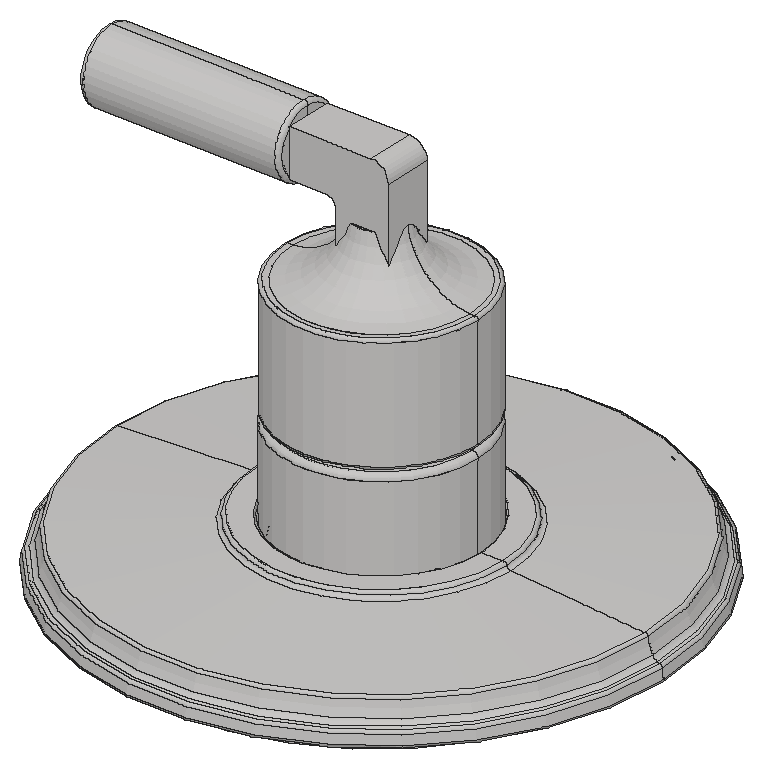
Revit family "fgt14048_bim", category Plumbing Fixtures, host Face, Revit 2014
Parameters (values of type "Standard")
  Width = 6 65/128"  # constant formula
  Vent Connection = no
  URL = ""
  Manufacturer = ""
  Faucet Material = Metal - Delta - Stainless-Steel
  Model = "fgt14048"  # constant formula
  Height = 4 9/16"  # constant formula
  Description = "Faucet"  # constant formula
  Depth = 6 17/64"  # constant formula
  Default Elevation = 0"
Reference planes (in)
  plane 1 "Center (Front/Back)": y = 0
  plane 2: z = 0
  plane 3 "Center (Left/Right)": x = 0
  plane 4: x = 10.125
  plane 5: x = -3.25391
  plane 6: x = 3.25391
  plane 7: z = 4.5625
  plane 8: y = 3.13281
  plane 9: y = -3.13281
Forms (in)
  Revolve 1, solid, material "Metal - Delta - Stainless-Steel" <- "Faucet Material"
    sketch origin (0, -0.1416, 0) x (1, 0, 0) y (0, 0, 1)
      loop
        line (-2.98806, -0.14103) -> (-2.80424, -0.14103) -> (-2.80424, 0.33889) -> (-1.01723, 0.33889) -> (-0.71557, 1.615) -> (-0.90056, 2.93121) -> (0, 3.01) -> (0, 3.67) -> (-0.29458, 3.67)
        arc (-0.29458, 3.67) -> (-0.53169, 3.21477) -> (-1.00235, 3.01) r 0.76931
        line (-1.00235, 3.01) -> (-1.06167, 3.01)
        arc (-1.06167, 3.01) -> (-1.08648, 2.99972) -> (-1.09676, 2.9749) r 0.0351
        line (-1.09676, 2.9749) -> (-1.09681, 1.6968)
        arc (-1.09681, 1.6968) -> (-1.09013, 1.68068) -> (-1.07401, 1.674) r 0.0228
        line (-1.07401, 1.674) -> (-0.82677, 1.674) -> (-0.82677, 1.63573)
        arc (-0.82677, 1.63573) -> (-0.83284, 1.62107) -> (-0.8475, 1.615) r 0.02073
        line (-0.8475, 1.615) -> (-1.033, 1.615)
        arc (-1.033, 1.615) -> (-1.07985, 1.59559) -> (-1.09926, 1.54874) r 0.06626
        line (-1.09926, 1.54874) -> (-1.09926, 0.5148) -> (-1.12268, 0.56502)
        arc (-1.12268, 0.56502) -> (-1.12439, 0.58552) -> (-1.13899, 0.6) r 0.02972
        line (-1.13899, 0.6) -> (-1.38792, 0.6)
        arc (-1.38792, 0.6) -> (-1.41416, 0.59073) -> (-1.42876, 0.56703) r 0.04178
        arc (-1.42876, 0.56703) -> (-1.44514, 0.54028) -> (-1.47463, 0.5296) r 0.04744
        arc (-1.47463, 0.5296) -> (-2.24957, 0.50236) -> (-3.02221, 0.43686) r 15.69152
        arc (-3.02221, 0.43686) -> (-3.04432, 0.42667) -> (-3.05588, 0.40524) r 0.03842
        arc (-3.05588, 0.40524) -> (-3.07661, 0.31853) -> (-3.10801, 0.23509) r 0.71209
        arc (-3.10801, 0.23509) -> (-3.12853, 0.20556) -> (-3.15833, 0.18544) r 0.09783
        line (-3.15833, 0.18544) -> (-3.19147, 0.17108)
        arc (-3.19147, 0.17108) -> (-3.20971, 0.15682) -> (-3.21866, 0.13546) r 0.0459
        line (-3.21866, 0.13546) -> (-3.23453, 0.02435)
        arc (-3.23453, 0.02435) -> (-3.22953, 0.00736) -> (-3.21341, 0) r 0.02134
        line (-3.21341, 0) -> (-2.98806, 0) -> (-2.98806, -0.14103)
      loop
        line (-1.09927, -0.454) -> (-1.03115, -0.454) -> (-1.03115, 0.28) -> (-1.09927, 0.28) -> (-1.09927, -0.454)
      axis (0.01172, 3.67) -> (0.01172, -0.454)
    angle from 0 to 360
  Extrusion 2, solid, material "Metal - Delta - Stainless-Steel" <- "Faucet Material"
    sketch origin (0, 0, 0) x (1, 0, 0) y (0, 0, 1)
      loop
        line (-0.96224, 4.41195) -> (-0.96224, 3.86195) -> (-0.40276, 3.86195)
        arc (-0.40276, 3.86195) -> (-0.32627, 3.83027) -> (-0.29458, 3.75378) r 0.10817
        line (-0.29458, 3.75378) -> (-0.29458, 3.18989) -> (0.31323, 3.18989) -> (0.31323, 4.21322)
        arc (0.31323, 4.21322) -> (0.25502, 4.35375) -> (0.1145, 4.41195) r 0.19873
        line (0.1145, 4.41195) -> (-0.96224, 4.41195)
    from -0.13508 to 0.41442
  Revolve 3, solid, material "Metal - Delta - Stainless-Steel" <- "Faucet Material"
    sketch origin (0, -0.14063, 0) x (1, 0, 0) y (0, 0, 1)
      loop
        line (-3.13677, 4.13695) -> (-0.83677, 4.13695) -> (-0.83677, 4.5042)
        arc (-0.83677, 4.5042) -> (-0.85051, 4.53736) -> (-0.88367, 4.5511) r 0.0469
        line (-0.88367, 4.5511) -> (-3.08669, 4.5511)
        arc (-3.08669, 4.5511) -> (-3.1221, 4.53643) -> (-3.13677, 4.50102) r 0.05008
        line (-3.13677, 4.50102) -> (-3.13677, 4.13695)
      axis (-0.83677, 4.13695) -> (-3.13677, 4.13695)
    angle from 0 to 360
  Revolve 4, solid, material "Metal - Delta - Stainless-Steel" <- "Faucet Material"
    sketch origin (0, -0.14063, 0) x (1, 0, 0) y (0, 0, 1)
      loop
        line (-0.6159, -1.257) -> (-0.56478, -1.184) -> (-0.56478, -1.079) -> (-0.62202, -1.079) -> (-0.39081, -0.549) -> (-0.39081, 0.5148) -> (-0.85175, 0.5148) -> (-0.85175, -0.43434) -> (-0.71583, -0.43434) -> (-0.71583, -1.08436) -> (-0.67829, -1.11064) -> (-0.67829, -1.18703) -> (-0.71583, -1.18703) -> (-0.71583, -1.224)
        arc (-0.71583, -1.224) -> (-0.70617, -1.24734) -> (-0.68283, -1.257) r 0.033
        line (-0.68283, -1.257) -> (-0.6159, -1.257)
      axis (-0.39081, 0.5148) -> (-0.39081, -1.257)
    angle from 0 to 360
  Revolve 5, solid, material "Metal - Delta - Stainless-Steel" <- "Faucet Material"
    sketch origin (0.03125, -0.14063, 0) x (-1, 0, 0) y (0, 0, -1)
      loop
        line (-0.6159, 1.257) -> (-0.68283, 1.257)
        arc (-0.68283, 1.257) -> (-0.70617, 1.24734) -> (-0.71583, 1.224) r 0.033
        line (-0.71583, 1.224) -> (-0.71583, 1.18703) -> (-0.67829, 1.18703) -> (-0.67829, 1.11064) -> (-0.71583, 1.08436) -> (-0.71583, 0.43434) -> (-0.85175, 0.43434) -> (-0.85175, -0.5148) -> (-0.39081, -0.5148) -> (-0.39081, 0.549) -> (-0.62202, 1.079) -> (-0.56478, 1.079) -> (-0.56478, 1.184) -> (-0.6159, 1.257)
      axis (-0.39081, -0.5148) -> (-0.39081, 1.257)
    angle from 0 to 360
Dimensions and locks (in)
  equal spacing: plane 5, plane 3 "Center (Left/Right)", plane 6
  "Width": plane 5 to plane 6
  "Height": plane 7 to plane 2
  equal spacing: plane 8, plane 1 "Center (Front/Back)", plane 9
  "Depth": plane 8 to plane 9
  aligned and locked: plane 2 to host face
  aligned and locked: level to host face
Automatic sketch dimensions
  host sketch curve to host sketch curve = 96"  (x2)
  Revolve 1 sketch curve to level = 0"
  Revolve 1 sketch curve to plane 3 "Center (Left/Right)" = 0"
  Revolve 1 sketch curve to plane 3 "Center (Left/Right)" = 0.29458"
  Revolve 1 sketch curve to plane 3 "Center (Left/Right)" = 0.71557"
  Revolve 1 sketch curve to Revolve 1 sketch curve = 0.1112"
  Revolve 1 sketch curve to Revolve 1 sketch curve = 0.02073"  (x2)
  Revolve 1 sketch curve to plane 3 "Center (Left/Right)" = 0.90056"
  Revolve 1 sketch curve to Revolve 1 sketch curve = 0.10179"
  level to Revolve 1 sketch curve = 0.33889"
  Revolve 1 sketch curve to plane 3 "Center (Left/Right)" = 1.01723"
  Revolve 1 sketch curve to Revolve 1 sketch curve = 0.01392"
  Revolve 1 sketch curve to Revolve 1 sketch curve = 0.1855"
  Revolve 1 sketch curve to Revolve 1 sketch curve = 0.76177"
  Revolve 1 sketch curve to Revolve 1 sketch curve = 0.05932"
  Revolve 1 sketch curve to Revolve 1 sketch curve = 0.04101"
  Revolve 1 sketch curve to Revolve 1 sketch curve = 0.0351"
  Revolve 1 sketch curve to Revolve 1 sketch curve = 0.0228"  (x2)
  Revolve 1 sketch curve to Revolve 1 sketch curve = 21/256"
  Revolve 1 sketch curve to Revolve 1 sketch curve = 0.06812"
  Revolve 1 sketch curve to Revolve 1 sketch curve = 3/128"
  Revolve 1 sketch curve to Revolve 1 sketch curve = 0.01631"
  Revolve 1 sketch curve to Revolve 1 sketch curve = 0.02864"
  Revolve 1 sketch curve to plane 3 "Center (Left/Right)" = 1.31091"
  Revolve 1 sketch curve to Revolve 1 sketch curve = 0.2366"
  Revolve 1 sketch curve to Revolve 1 sketch curve = 0.08721"
  plane 5 to Revolve 1 sketch curve = 0.44967"
  Revolve 1 sketch curve to Revolve 1 sketch curve = 0.18382"
  Revolve 1 sketch curve to Revolve 1 sketch curve = 0.21378"
  plane 5 to Revolve 1 sketch curve = 0.09557"
  Revolve 1 sketch curve to Revolve 1 sketch curve = 0.01489"
  Revolve 1 sketch curve to Revolve 1 sketch curve = 0.03314"
  plane 5 to Revolve 1 sketch curve = 0.05667"
  plane 5 to Revolve 1 sketch curve = 0.0405"
  plane 5 to Revolve 1 sketch curve = 0.03525"
  plane 5 to Revolve 1 sketch curve = 0.01937"
  Revolve 1 sketch curve to plane 5 = 0.50356"
  Revolve 1 sketch curve to level = 0.14103"
  Revolve 1 sketch curve to level = 0.454"
  Revolve 1 sketch curve to Revolve 1 sketch curve = 14.70706"
  Revolve 1 sketch curve to Revolve 1 sketch curve = 0.02134"
  Revolve 1 sketch curve to Revolve 1 sketch curve = 0.10764"
  Revolve 1 sketch curve to Revolve 1 sketch curve = 0.00649"
  Revolve 1 sketch curve to Revolve 1 sketch curve = 0.01436"
  Revolve 1 sketch curve to Revolve 1 sketch curve = 0.08977"
  Revolve 1 sketch curve to Revolve 1 sketch curve = 0.05889"
  Revolve 1 sketch curve to Revolve 1 sketch curve = 0.12346"
  Revolve 1 sketch curve to Revolve 1 sketch curve = 0.17592"
  level to Revolve 1 sketch curve = 0.52713"
  Revolve 1 sketch curve to Revolve 1 sketch curve = 0.04342"
  Revolve 1 sketch curve to Revolve 1 sketch curve = 0.05022"
  Revolve 1 sketch curve to Revolve 1 sketch curve = 0.00794"
  Revolve 1 sketch curve to Revolve 1 sketch curve = 0.01881"
  Revolve 1 sketch curve to Revolve 1 sketch curve = 0.94874"
  Revolve 1 sketch curve to Revolve 1 sketch curve = 0.03827"
  Revolve 1 sketch curve to Revolve 1 sketch curve = 1.23441"
  Revolve 1 sketch curve to Revolve 1 sketch curve = 0.04369"
  Revolve 1 sketch curve to Revolve 1 sketch curve = 0"  (x5)
  Revolve 1 sketch curve to Revolve 1 sketch curve = 0.07879"
  Revolve 1 sketch curve to Revolve 1 sketch curve = 0.66"
  plane 3 "Center (Left/Right)" to Revolve 1 sketch curve = 3/256"
  Revolve 1 sketch curve to Revolve 1 sketch curve = 0.39548"
  Revolve 1 sketch curve to Revolve 1 sketch curve = 0.33"
  Extrusion 2 sketch curve to plane 7 = 0.15055"
  Extrusion 2 sketch curve to plane 3 "Center (Left/Right)" = 0.96224"
  Extrusion 2 sketch curve to plane 3 "Center (Left/Right)" = 0.40276"
  Extrusion 2 sketch curve to Extrusion 2 sketch curve = 0.10817"
  plane 3 "Center (Left/Right)" to Extrusion 2 sketch curve = 0.1145"
  Extrusion 2 sketch curve to Extrusion 2 sketch curve = 0.19873"
  Extrusion 2 sketch curve to Extrusion 2 sketch curve = 0.55"
  Extrusion 2 sketch curve to Extrusion 2 sketch curve = 1.02334"
  Revolve 3 sketch curve to plane 7 = 0.06148"
  plane 5 to Revolve 3 sketch curve = 0.11714"
  Revolve 3 sketch curve to Revolve 3 sketch curve = 0.05008"
  Revolve 3 sketch curve to plane 7 = 0.0583"
  Revolve 3 sketch curve to plane 3 "Center (Left/Right)" = 0.88367"
  Revolve 3 sketch curve to Revolve 3 sketch curve = 0.36407"
  Revolve 3 sketch curve to Revolve 3 sketch curve = 0.2673"
  Revolve 3 sketch curve to Revolve 3 sketch curve = 0.10211"
  Revolve 3 sketch curve to Revolve 3 sketch curve = 0"
  Revolve 4 sketch curve to plane 3 "Center (Left/Right)" = 0.85175"
  Revolve 4 sketch curve to Revolve 4 sketch curve = 0.13592"
  Revolve 4 sketch curve to Revolve 4 sketch curve = 0"
  Revolve 4 sketch curve to Revolve 4 sketch curve = 0.033"
  Revolve 4 sketch curve to Revolve 4 sketch curve = 0.00454"
  Revolve 4 sketch curve to Revolve 4 sketch curve = 0.05627"
  Revolve 4 sketch curve to Revolve 4 sketch curve = 0.06694"
  Revolve 4 sketch curve to Revolve 4 sketch curve = 0.05724"
  Revolve 4 sketch curve to Revolve 4 sketch curve = 0.32502"
  Revolve 4 sketch curve to level = 1.257"
  Revolve 4 sketch curve to Revolve 4 sketch curve = 0.03698"
  Revolve 4 sketch curve to Revolve 4 sketch curve = 0.073"
  Revolve 4 sketch curve to Revolve 4 sketch curve = 0.07638"
  Revolve 4 sketch curve to Revolve 4 sketch curve = 0.02629"
  Revolve 4 sketch curve to Revolve 4 sketch curve = 0.105"
  Revolve 4 sketch curve to level = 0.549"
  Revolve 4 sketch curve to Revolve 4 sketch curve = 0.11466"
  level to Revolve 4 sketch curve = 0.5148"
  Revolve 4 sketch curve to level = 0.05676"
  Revolve 4 sketch curve to plane 3 "Center (Left/Right)" = 0.39081"
  Revolve 4 sketch curve to Revolve 4 sketch curve = 0.19011"
  plane 3 "Center (Left/Right)" to Revolve 5 sketch curve = 0.883"
  Revolve 5 sketch curve to Revolve 5 sketch curve = 0.13592"
  Revolve 5 sketch curve to Revolve 5 sketch curve = 0"
  Revolve 5 sketch curve to Revolve 5 sketch curve = 0.033"
  Revolve 5 sketch curve to Revolve 5 sketch curve = 0.00454"
  Revolve 5 sketch curve to Revolve 5 sketch curve = 0.05627"
  Revolve 5 sketch curve to Revolve 5 sketch curve = 0.06694"
  Revolve 5 sketch curve to Revolve 5 sketch curve = 0.05724"
  Revolve 5 sketch curve to Revolve 5 sketch curve = 0.32502"
  level to Revolve 5 sketch curve = 0.5148"
  Revolve 5 sketch curve to level = 0.43434"
  Revolve 5 sketch curve to Revolve 5 sketch curve = 0.11466"
  Revolve 5 sketch curve to Revolve 5 sketch curve = 0.53"
  Revolve 5 sketch curve to Revolve 5 sketch curve = 0.00536"
  Revolve 5 sketch curve to Revolve 5 sketch curve = 0.02629"
  Revolve 5 sketch curve to Revolve 5 sketch curve = 0.105"
  Revolve 5 sketch curve to Revolve 5 sketch curve = 0.07638"
  Revolve 5 sketch curve to Revolve 5 sketch curve = 0.03698"
  Revolve 5 sketch curve to level = 0.05676"
  plane 3 "Center (Left/Right)" to Revolve 5 sketch curve = 0.42206"
  Revolve 5 sketch curve to Revolve 5 sketch curve = 0.19011"
